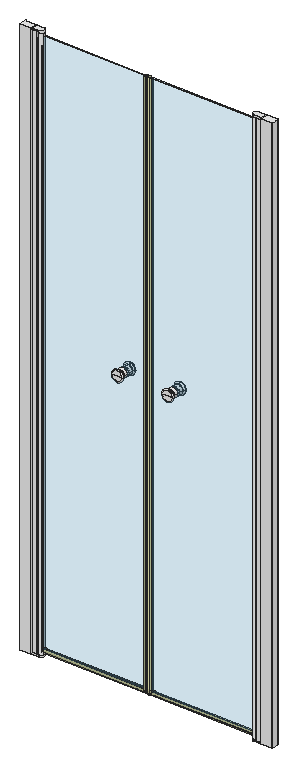
Revit family "SOL2", category Plumbing Fixtures, Revit 2015
Parameters (values of type "900x2000")
  Width fixed panel 2 = 0 mm
  Width fixed panel = 0 mm
  Seal = Seal
  SOL2_half = SOL2_half : 450
  Model = "SOL2"
  L1 = 900 mm
  URL = "www.sanswiss.com"
  Type Comments = "SOLINO"
  Number of elements = 0
  Aluminum = Aluminum
  Manufacturer = "SanSwiss"
  H = 2000 mm  # constant formula
  Glass = Glass
Types (4, lengths in mm): name | SOL2_half | L1
  700x2000 | SOL2_half : 350 | 700
  800x2000 | SOL2_half : 400 | 800
  900x2000 | SOL2_half : 450 | 900
  1000x2000 | SOL2_half : 500 | 1000
Reference planes
  plane 1 "Center (Front/Back)": y = 0
  plane 2: z = 0
  plane 3 "Center (Left/Right)": x = 0
  plane 4: x = 900
  plane 5: z = 2000
  plane 6 "góra": z = 1822.5
  plane 7 "klamka": z = 1000.61
  plane 8: x = 878.938
  plane 9: x = 859.789
  plane 10 "ucięcie": z = 11.8
  plane 11: z = 1984
  plane 12: z = 4.446
  plane 13: z = 1995.447
  plane 14: z = 16.178
Forms (mm)
  Extrusion 1, void, not visible
    sketch origin (0, 0, 0) x (1, 0, 0) y (0, 0, 1)
      loop
        line (47.1, 1799.5) -> (47.1, 1777.5) -> (65.984, 1777.5) -> (65.984, 1799.5) -> (47.1, 1799.5)
    from -49.545 to 25.251
  Extrusion 2, solid, material "Aluminum" <- "Aluminum", not visible
    sketch origin (0, 0, 1822.5) x (0, -1, 0) y (1, 0, 0)
      loop
        line (-1, 45.1) -> (-1, 57.085)
        arc (-1, 57.085) -> (-10, 66.085) -> (-19, 57.085) r 9
        line (-19, 57.085) -> (-19, 45.1) -> (-1, 45.1)
    from -45 to -23
  Extrusion 3, solid, material "Aluminum" <- "Aluminum", not visible
    sketch origin (0, 0, 1822.5) x (0, -1, 0) y (1, 0, 0)
      loop
        line (-1, 47.1) -> (-10, 47.1)
        arc (-10, 47.1) -> (-14.544, 48.192) -> (-18.095, 51.229) r 10
        arc (-18.095, 51.229) -> (-18.654, 51.411) -> (-19, 50.936) r 0.5
        line (-19, 50.936) -> (-19, 45.1) -> (-1, 45.1) -> (-1, 47.1)
    from -23 to 0
  Revolve 4, solid, material "Aluminum" <- "Aluminum", not visible
    sketch origin (0, 0, 1800) x (0, -1, 0) y (1, 0, 0)
      loop
        line (-21, 88.1) -> (-27.814, 88.1) -> (-27.814, 75.277) -> (-23.528, 79.564) -> (-21, 79.564) -> (-21, 88.1)
      axis (-21, 88.1) -> (-27.814, 88.1)
    angle from 0 to 360
  Revolve 5, solid, material "Aluminum" <- "Aluminum", not visible
    sketch origin (30, 0, 1800) x (0, -1, 0) y (1, 0, 0)
      loop
        line (-21, 88.1) -> (-27.814, 88.1) -> (-27.814, 75.277) -> (-23.528, 79.564) -> (-21, 79.564) -> (-21, 88.1)
      axis (-21, 88.1) -> (-27.814, 88.1)
    angle from 0 to 360
Dimensions and locks
  "L1": plane 3 "Center (Left/Right)" to plane 4
  "H": plane 5 to level
  plane 4 to plane 8 = 21.062 mm
  locked: plane 4 to plane 9 at 40.211
  aligned and locked: level to plane 2
  aligned and locked: plane 3 "Center (Left/Right)" to nested 1
  aligned and locked: plane 4 to nested 2
Automatic sketch dimensions
  Extrusion 1 sketch curve to Extrusion 1 sketch curve = 18.884 mm
  Extrusion 1 sketch curve to Extrusion 1 sketch curve = 22 mm
  Extrusion 2 sketch curve to Extrusion 2 sketch curve = 9 mm
  Extrusion 2 sketch curve to Extrusion 2 sketch curve = 11.985 mm
  Extrusion 3 sketch curve to Extrusion 3 sketch curve = 0.5 mm
  Extrusion 3 sketch curve to Extrusion 3 sketch curve = 2 mm
  Extrusion 3 sketch curve to Extrusion 3 sketch curve = 5.836 mm
  Extrusion 3 sketch curve to Extrusion 3 sketch curve = 10 mm
  Extrusion 3 sketch curve to Extrusion 3 sketch curve = 8.5 mm
  Extrusion 3 sketch curve to Extrusion 3 sketch curve = 9 mm
  Revolve 4 sketch curve to Revolve 4 sketch curve = 6.814 mm
  Revolve 4 sketch curve to Revolve 4 sketch curve = 0 mm  (x3)
  Revolve 5 sketch curve to Revolve 5 sketch curve = 6.814 mm
  Revolve 5 sketch curve to Revolve 5 sketch curve = 4.287 mm  (x2)
  Revolve 5 sketch curve to Revolve 5 sketch curve = 8.536 mm
  Revolve 5 sketch curve to Revolve 5 sketch curve = 0 mm  (x3)
  Revolve 4 sketch curve to Revolve 4 sketch curve = 4.287 mm  (x2)
  Revolve 4 sketch curve to Revolve 4 sketch curve = 8.536 mm
Nested families
  nested 1: "SOL2_half" at (0, 0, 0), type <- "SOL2_half", type "450"
  nested 2: "SOL2_half" at (900, 0, 0) x (-1, 0, 0) z (0, 0, 1), type <- "SOL2_half", type "450"
Definition of nested family "SOL2_half"
  Parameters (values of type "400")
    Width fixed panel 2 = 0 mm
    Width fixed panel = 0 mm
    Seal = none
    Model = "SOL2"
    L1 = 400 mm
    URL = "www.sanswiss.com"
    Type Comments = "SOLINO"
    Number of elements = 0
    Manufacturer = "SanSwiss"
    H = 2000 mm  # constant formula
    Glass = none
    Chrome = none
    Aluminum = none
  Types (4, lengths in mm): name | L1
    400 | 400
    350 | 350
    450 | 450
    500 | 500
  Reference planes
    plane 1 "Center (Front/Back)": y = 0
    plane 2: z = 0
    plane 3 "Center (Left/Right)": x = 0
    plane 4: x = 400
    plane 5: z = 2000
    plane 6 "góra": z = 1822.5
    plane 7 "klamka": z = 1000.61
    plane 8: x = 378.938
    plane 9: x = 359.789
    plane 10 "ucięcie": z = 11.8
    plane 11: z = 1984
    plane 12: z = 4.446
    plane 13: z = 1995.447
    plane 14: z = 16.178
  Forms (mm)
    Extrusion 1, void, not visible
      sketch origin (0, 0, 0) x (1, 0, 0) y (0, 0, 1)
        loop
          line (47.1, 1799.5) -> (47.1, 1777.5) -> (65.984, 1777.5) -> (65.984, 1799.5) -> (47.1, 1799.5)
      from -49.545 to 25.251
    Extrusion 2, solid, material <- "Aluminum", not visible
      sketch origin (0, 0, 1822.5) x (0, -1, 0) y (1, 0, 0)
        loop
          line (-1, 45.1) -> (-1, 57.085)
          arc (-1, 57.085) -> (-10, 66.085) -> (-19, 57.085) r 9
          line (-19, 57.085) -> (-19, 45.1) -> (-1, 45.1)
      from -45 to -23
    Extrusion 3, solid, material <- "Aluminum", not visible
      sketch origin (0, 0, 1822.5) x (0, -1, 0) y (1, 0, 0)
        loop
          line (-1, 47.1) -> (-10, 47.1)
          arc (-10, 47.1) -> (-14.544, 48.192) -> (-18.095, 51.229) r 10
          arc (-18.095, 51.229) -> (-18.654, 51.411) -> (-19, 50.936) r 0.5
          line (-19, 50.936) -> (-19, 45.1) -> (-1, 45.1) -> (-1, 47.1)
      from -23 to 0
    Revolve 4, solid, material <- "Aluminum", not visible
      sketch origin (0, 0, 1800) x (0, -1, 0) y (1, 0, 0)
        loop
          line (-21, 88.1) -> (-27.814, 88.1) -> (-27.814, 75.277) -> (-23.528, 79.564) -> (-21, 79.564) -> (-21, 88.1)
        axis (-21, 88.1) -> (-27.814, 88.1)
      angle from 0 to 360
    Revolve 5, solid, material <- "Aluminum", not visible
      sketch origin (30, 0, 1800) x (0, -1, 0) y (1, 0, 0)
        loop
          line (-21, 88.1) -> (-27.814, 88.1) -> (-27.814, 75.277) -> (-23.528, 79.564) -> (-21, 79.564) -> (-21, 88.1)
        axis (-21, 88.1) -> (-27.814, 88.1)
      angle from 0 to 360
    Sweep 6, solid, material <- "Seal"
      path origin (0, 0, -2.717) x (1, 0, 0) y (0, 0, 1)
        loop
          line (400, 1986.717) -> (400, 19.284)
      profile origin (400, 0, 1000.283) x (0, -1, 0) y (1, 0, 0)
        loop
          arc (-21.477, -13.83) -> (-20.952, -13.634) -> (-20.685, -13.141) r 0.8
          line (-20.685, -13.141) -> (-20.151, -7.339)
          arc (-20.151, -7.339) -> (-18.617, -5.305) -> (-17.959, -2.845) r 6.664
          arc (-17.959, -2.845) -> (-18.516, -1.005) -> (-20.155, 0) r 2.705
          line (-20.155, 0) -> (-28.474, 0)
          arc (-28.474, 0) -> (-30.255, -0.866) -> (-30.995, -2.703) r 2.753
          arc (-30.995, -2.703) -> (-30.526, -5.21) -> (-29.122, -7.339) r 6.44
          line (-29.122, -7.339) -> (-28.587, -13.141)
          arc (-28.587, -13.141) -> (-28.32, -13.634) -> (-27.795, -13.83) r 0.8
          line (-27.795, -13.83) -> (-27.012, -13.83) -> (-27.012, -12.866) -> (-27.468, -12.045) -> (-27.966, -6.83) -> (-21.306, -6.83) -> (-21.804, -12.045) -> (-22.26, -12.866) -> (-22.26, -13.83) -> (-21.477, -13.83)
    Extrusion 7, solid, material <- "Glass"
      sketch origin (0, 0, 1800) x (0, -1, 0) y (1, 0, 0)
        loop
          line (-27.5, 393.17) -> (-27.5, 60.1) -> (-21.5, 60.1) -> (-21.5, 393.17) -> (-27.5, 393.17)
      from -1787 to 184
    Extrusion 8, solid, material <- "Seal"
      sketch origin (0, 0, 0) x (0, 1, 0) y (0, 0, 1)
        loop
          line (33.991, 0.501) -> (32.472, 14.955)
          arc (32.472, 14.955) -> (32.753, 15.358) -> (33.243, 15.314) r 0.49
          line (33.243, 15.314) -> (35.532, 14.701) -> (35.49, 15.494)
          arc (35.49, 15.494) -> (35.318, 15.967) -> (34.91, 16.264) r 0.862
          line (34.91, 16.264) -> (29.09, 17.823) -> (28.328, 24.346)
          arc (28.328, 24.346) -> (27.784, 25.009) -> (26.955, 24.792) r 0.794
          line (26.955, 24.792) -> (28.209, 14.063)
          arc (28.209, 14.063) -> (27.898, 13.311) -> (27.147, 13) r 1.063
          line (27.147, 13) -> (22.622, 13)
          arc (22.622, 13) -> (21.976, 13.301) -> (21.792, 13.989) r 0.843
          line (21.792, 13.989) -> (23.046, 24.932)
          arc (23.046, 24.932) -> (22.173, 24.949) -> (21.668, 24.238) r 0.932
          line (21.668, 24.238) -> (20.512, 14.15)
          arc (20.512, 14.15) -> (21.075, 12.392) -> (22.764, 11.649) r 2.245
          line (22.764, 11.649) -> (27.214, 11.649)
          arc (27.214, 11.649) -> (28.718, 12.211) -> (29.483, 13.621) r 2.291
          line (29.483, 13.621) -> (29.387, 14.992)
          arc (29.387, 14.992) -> (29.469, 15.443) -> (29.898, 15.605) r 0.465
          line (29.898, 15.605) -> (30.87, 15.725)
          arc (30.87, 15.725) -> (31.281, 15.554) -> (31.451, 15.143) r 0.581
          line (31.451, 15.143) -> (33.001, 0.397)
          arc (33.001, 0.397) -> (33.548, -0.046) -> (33.991, 0.501) r 0.498
      from 77.062 to 400
    Extrusion 9, void
      sketch origin (0, 0, 0) x (1, 0, 0) y (0, 0, 1)
        loop
          line (400, 16.567) -> (400, 33.757) -> (385, 33.757) -> (385, 16.567) -> (400, 16.567)
      from -108.898 to 31.895
    Sweep 10, solid, material <- "Aluminum"
      path origin (0, 0, 0) x (1, 0, 0) y (0, 0, 1)
        loop
          line (0, 2000) -> (0, 0)
      profile origin (0, 0, 1000) x (0, -1, 0) y (1, 0, 0)
        loop
          arc (-38.263, 1.8) -> (-37.735, 0.527) -> (-36.463, 0) r 1.8
          line (-36.463, 0) -> (-13.263, 0)
          arc (-13.263, 0) -> (-11.995, 0.525) -> (-11.47, 1.792) r 1.792
          line (-11.47, 1.792) -> (-11.47, 38.242)
          arc (-11.47, 38.242) -> (-11.866, 39.197) -> (-12.82, 39.592) r 1.35
          line (-12.82, 39.592) -> (-36.859, 39.592)
          arc (-36.859, 39.592) -> (-37.852, 39.181) -> (-38.263, 38.189) r 1.403
          line (-38.263, 38.189) -> (-38.263, 1.8)
    Revolve 11, solid, material <- "Aluminum"
      sketch origin (-9.312, 936.256, 1900.61) x (0, 1, 0) y (-1, 0, 0)
        loop
          line (-897.993, -39.145) -> (-892.092, -39.145)
          arc (-892.092, -39.145) -> (-892.298, -36.517) -> (-892.793, -33.929) r 23.774
          arc (-892.793, -33.929) -> (-893.497, -32.844) -> (-894.72, -32.423) r 1.986
          line (-894.72, -32.423) -> (-897.993, -32.423) -> (-897.993, -39.145)
        axis (-897.993, -39.145) -> (-892.092, -39.145)
      angle from 0 to 360
    Revolve 12, solid, material <- "Aluminum"
      sketch origin (-9.312, 936.256, 1000.61) x (0, 1, 0) y (-1, 0, 0)
        loop
          line (-897.993, -39.145) -> (-892.092, -39.145)
          arc (-892.092, -39.145) -> (-892.298, -36.517) -> (-892.793, -33.929) r 23.774
          arc (-892.793, -33.929) -> (-893.497, -32.844) -> (-894.72, -32.423) r 1.986
          line (-894.72, -32.423) -> (-897.993, -32.423) -> (-897.993, -39.145)
        axis (-897.993, -39.145) -> (-892.092, -39.145)
      angle from 0 to 360
    Revolve 13, solid, material <- "Aluminum"
      sketch origin (-9.312, 936.256, 100.61) x (0, 1, 0) y (-1, 0, 0)
        loop
          line (-897.993, -39.145) -> (-892.092, -39.145)
          arc (-892.092, -39.145) -> (-892.298, -36.517) -> (-892.793, -33.929) r 23.774
          arc (-892.793, -33.929) -> (-893.497, -32.844) -> (-894.72, -32.423) r 1.986
          line (-894.72, -32.423) -> (-897.993, -32.423) -> (-897.993, -39.145)
        axis (-897.993, -39.145) -> (-892.092, -39.145)
      angle from 0 to 360
    Sweep 14, solid, material <- "Aluminum"
      path origin (0, 0, 0) x (1, 0, 0) y (0, 0, 1)
        loop
          line (0, 4.446) -> (0, 1995.447)
      profile origin (0, 0, 999.947) x (-1, 0, 0) y (0, -1, 0)
        loop
          line (-39.592, -35.556) -> (-39.592, -14.168) -> (-57.512, -14.168)
          arc (-57.512, -14.168) -> (-59.231, -15.328) -> (-59.014, -17.391) r 2.014
          line (-59.014, -17.391) -> (-60.019, -17.391) -> (-61.202, -16.839) -> (-63.706, -17.058) -> (-62.709, -17.523)
          arc (-62.709, -17.523) -> (-59.615, -18.745) -> (-57.323, -21.156) r 7.716
          line (-57.323, -21.156) -> (-57.323, -28.491)
          arc (-57.323, -28.491) -> (-59.615, -30.902) -> (-62.709, -32.123) r 7.716
          line (-62.709, -32.123) -> (-63.706, -32.588) -> (-61.202, -32.807) -> (-59.802, -32.154) -> (-58.891, -32.154)
          arc (-58.891, -32.154) -> (-59.419, -34.301) -> (-57.599, -35.556) r 1.947
          line (-57.599, -35.556) -> (-39.592, -35.556)
    Sweep 15, solid, material <- "Chrome"
      path origin (0, 0, 0) x (1, 0, 0) y (0, 0, 1)
        loop
          line (0, 2000) -> (0, 1995.447)
      profile origin (0, 0, 1997.723) x (0, -1, 0) y (1, 0, 0)
        loop
          line (-14.163, 39.592) -> (-14.163, 66.995)
          arc (-14.163, 66.995) -> (-24.863, 77.695) -> (-35.563, 66.995) r 10.7
          line (-35.563, 66.995) -> (-35.563, 39.592) -> (-14.163, 39.592)
    Sweep 16, solid, material <- "Chrome"
      path origin (0, 0, -1995.554) x (1, 0, 0) y (0, 0, 1)
        loop
          line (0, 2000) -> (0, 1995.447)
      profile origin (0, 0, 2.17) x (0, -1, 0) y (1, 0, 0)
        loop
          line (-14.163, 39.592) -> (-14.163, 66.995)
          arc (-14.163, 66.995) -> (-24.863, 77.695) -> (-35.563, 66.995) r 10.7
          line (-35.563, 66.995) -> (-35.563, 39.592) -> (-14.163, 39.592)
    Sweep 17, solid, material <- "Aluminum"
      path origin (0, 0, 0) x (1, 0, 0) y (0, 0, 1)
        loop
          line (0, 4.446) -> (0, 1995.447)
      profile origin (0, 0, 999.947) x (-1, 0, 0) y (0, -1, 0)
        loop
          circle (-66.933, -24.929) r 9.238
  Cuts and joins
    Extrusion 9 cuts Extrusion 8
  Dimensions and locks
    "L1": plane 3 "Center (Left/Right)" to plane 4
    "H": plane 5 to level
    locked: plane 3 "Center (Left/Right)" to Extrusion 7 sketch curve at 60.1
    Sweep 6 sketch curve to plane 2 = 16.567 mm
    plane 4 to plane 8 = 21.062 mm
    locked: plane 4 to plane 9 at 40.211
    locked: nested 1 to plane 4 at 90
    aligned and locked: level to plane 2
    aligned and locked: Extrusion 7 sketch curve to Sweep 6
    aligned and locked: Extrusion 7 to Sweep 6
    aligned and locked: plane 4 to Extrusion 8
  Automatic sketch dimensions
    Extrusion 1 sketch curve to Extrusion 1 sketch curve = 18.884 mm
    Extrusion 1 sketch curve to Extrusion 1 sketch curve = 22 mm
    Extrusion 2 sketch curve to Extrusion 2 sketch curve = 9 mm
    Extrusion 2 sketch curve to Extrusion 2 sketch curve = 11.985 mm
    Extrusion 3 sketch curve to Extrusion 3 sketch curve = 0.5 mm
    Extrusion 3 sketch curve to Extrusion 3 sketch curve = 2 mm
    Extrusion 3 sketch curve to Extrusion 3 sketch curve = 5.836 mm
    Extrusion 3 sketch curve to Extrusion 3 sketch curve = 10 mm
    Extrusion 3 sketch curve to Extrusion 3 sketch curve = 8.5 mm
    Extrusion 3 sketch curve to Extrusion 3 sketch curve = 9 mm
    Revolve 4 sketch curve to Revolve 4 sketch curve = 6.814 mm
    Revolve 4 sketch curve to Revolve 4 sketch curve = 0 mm  (x3)
    Revolve 5 sketch curve to Revolve 5 sketch curve = 6.814 mm
    Revolve 5 sketch curve to Revolve 5 sketch curve = 4.287 mm  (x2)
    Revolve 5 sketch curve to Revolve 5 sketch curve = 8.536 mm
    Revolve 5 sketch curve to Revolve 5 sketch curve = 0 mm  (x3)
    Revolve 4 sketch curve to Revolve 4 sketch curve = 4.287 mm  (x2)
    Revolve 4 sketch curve to Revolve 4 sketch curve = 8.536 mm
    Extrusion 7 sketch curve to plane 1 "Center (Front/Back)" = 27.5 mm
    Extrusion 7 sketch curve to Extrusion 7 sketch curve = 6 mm
    Sweep 10 sketch curve to level = 0 mm
    Sweep 10 sketch curve to plane 3 "Center (Left/Right)" = 0 mm
    Sweep 10 sketch curve to plane 5 = 0 mm
    Sweep 10 sketch curve to profile plane = 0 mm
    Sweep 10 sketch curve to profile plane = 1.8 mm
    Sweep 10 sketch curve to plane 1 "Center (Front/Back)" = 38.263 mm
    Sweep 10 sketch curve to Sweep 10 sketch curve = 1.403 mm
    Sweep 10 sketch curve to plane 1 "Center (Front/Back)" = 13.263 mm
    Sweep 10 sketch curve to plane 1 "Center (Front/Back)" = 12.82 mm
    Sweep 10 sketch curve to Sweep 10 sketch curve = 1.792 mm
    Sweep 10 sketch curve to Sweep 10 sketch curve = 36.389 mm
    Revolve 11 sketch curve to plane 1 "Center (Front/Back)" = 20.395 mm
    Revolve 11 sketch curve to Revolve 11 sketch curve = 17.867 mm
    Revolve 11 sketch curve to Revolve 11 sketch curve = 3.274 mm
    Revolve 11 sketch curve to Revolve 11 sketch curve = 2.627 mm
    plane 3 "Center (Left/Right)" to Revolve 11 sketch curve = 30.368 mm
    Revolve 11 sketch curve to Revolve 11 sketch curve = 0.535 mm
    Revolve 11 sketch curve to Revolve 11 sketch curve = 4.736 mm
    Revolve 11 sketch curve to Revolve 11 sketch curve = 1.986 mm
    Revolve 11 sketch curve to Revolve 11 sketch curve = 0 mm  (x2)
    Revolve 11 sketch curve to Revolve 11 sketch curve = 0.459 mm
    Revolve 12 sketch curve to plane 1 "Center (Front/Back)" = 20.395 mm
    Revolve 12 sketch curve to Revolve 12 sketch curve = 17.867 mm
    Revolve 12 sketch curve to Revolve 12 sketch curve = 3.274 mm
    Revolve 12 sketch curve to Revolve 12 sketch curve = 2.627 mm
    plane 3 "Center (Left/Right)" to Revolve 12 sketch curve = 30.368 mm
    Revolve 12 sketch curve to Revolve 12 sketch curve = 0.535 mm
    Revolve 12 sketch curve to Revolve 12 sketch curve = 4.736 mm
    Revolve 12 sketch curve to Revolve 12 sketch curve = 1.986 mm
    Revolve 12 sketch curve to Revolve 12 sketch curve = 0 mm  (x2)
    Revolve 12 sketch curve to Revolve 12 sketch curve = 0.459 mm
    Revolve 13 sketch curve to plane 1 "Center (Front/Back)" = 20.395 mm
    Revolve 13 sketch curve to Revolve 13 sketch curve = 17.867 mm
    Revolve 13 sketch curve to Revolve 13 sketch curve = 3.274 mm
    Revolve 13 sketch curve to Revolve 13 sketch curve = 2.627 mm
    plane 3 "Center (Left/Right)" to Revolve 13 sketch curve = 30.368 mm
    Revolve 13 sketch curve to Revolve 13 sketch curve = 0.535 mm
    Revolve 13 sketch curve to Revolve 13 sketch curve = 4.736 mm
    Revolve 13 sketch curve to Revolve 13 sketch curve = 1.986 mm
    Revolve 13 sketch curve to Revolve 13 sketch curve = 0 mm  (x2)
    Revolve 13 sketch curve to Revolve 13 sketch curve = 0.459 mm
    Sweep 14 sketch curve to plane 3 "Center (Left/Right)" = 0 mm
    Sweep 14 sketch curve to plane 12 = 0 mm
    Sweep 14 sketch curve to plane 13 = 0 mm
    Sweep 15 sketch curve to plane 3 "Center (Left/Right)" = 0 mm
    Sweep 15 sketch curve to plane 13 = 0 mm
    Sweep 15 sketch curve to plane 5 = 0 mm
    Sweep 15 sketch curve to plane 1 "Center (Front/Back)" = 35.563 mm
    Sweep 15 sketch curve to Sweep 15 sketch curve = 10.7 mm
    Sweep 15 sketch curve to profile plane = 39.592 mm
    Sweep 15 sketch curve to Sweep 15 sketch curve = 27.403 mm
    Sweep 16 sketch curve to plane 3 "Center (Left/Right)" = 0 mm
    Sweep 16 sketch curve to plane 12 = 0 mm
    Sweep 16 sketch curve to level = 0.107 mm
    Sweep 16 sketch curve to plane 1 "Center (Front/Back)" = 35.563 mm
    Sweep 16 sketch curve to Sweep 16 sketch curve = 10.7 mm
    Sweep 16 sketch curve to profile plane = 39.592 mm
    Sweep 16 sketch curve to Sweep 16 sketch curve = 27.403 mm
    Sweep 14 sketch curve to plane 1 "Center (Front/Back)" = 25.142 mm
    profile plane to Sweep 14 sketch curve = 63.93 mm
    Sweep 14 sketch curve to Sweep 14 sketch curve = 0 mm
    Sweep 14 sketch curve to plane 1 "Center (Front/Back)" = 17.058 mm
    Sweep 14 sketch curve to Sweep 14 sketch curve = 0.224 mm  (x2)
    Sweep 14 sketch curve to Sweep 14 sketch curve = 0.997 mm  (x2)
    Sweep 14 sketch curve to plane 1 "Center (Front/Back)" = 17.523 mm
    Sweep 14 sketch curve to Sweep 14 sketch curve = 1.506 mm  (x2)
    Sweep 14 sketch curve to plane 1 "Center (Front/Back)" = 16.839 mm
    Sweep 14 sketch curve to Sweep 14 sketch curve = 1.184 mm
    Sweep 14 sketch curve to Sweep 14 sketch curve = 1.401 mm
    Sweep 14 sketch curve to Sweep 14 sketch curve = 1.004 mm
    Sweep 14 sketch curve to Sweep 14 sketch curve = 0.91 mm
    Sweep 14 sketch curve to Sweep 14 sketch curve = 1.292 mm
    Sweep 14 sketch curve to Sweep 14 sketch curve = 1.503 mm
    Sweep 14 sketch curve to Sweep 14 sketch curve = 0.106 mm
    Sweep 14 sketch curve to Sweep 14 sketch curve = 1.692 mm
    Sweep 14 sketch curve to Sweep 14 sketch curve = 17.919 mm
    Sweep 14 sketch curve to Sweep 14 sketch curve = 0.031 mm
    Sweep 14 sketch curve to Sweep 14 sketch curve = 0.465 mm
    Sweep 14 sketch curve to Sweep 14 sketch curve = 0.653 mm
    Sweep 14 sketch curve to Sweep 14 sketch curve = 1.456 mm
    Sweep 14 sketch curve to Sweep 14 sketch curve = 3.664 mm
    Sweep 14 sketch curve to Sweep 14 sketch curve = 0.637 mm
    Sweep 14 sketch curve to Sweep 14 sketch curve = 0.552 mm
    Sweep 14 sketch curve to Sweep 14 sketch curve = 1.212 mm
    Sweep 17 sketch curve to plane 3 "Center (Left/Right)" = 0 mm
    Sweep 17 sketch curve to plane 12 = 0 mm
    Sweep 17 sketch curve to plane 13 = 0 mm
    Sweep 17 sketch curve to plane 1 "Center (Front/Back)" = 24.929 mm
    profile plane to Sweep 17 sketch curve = 66.933 mm
    plane 10 "ucięcie" to Extrusion 8 sketch curve = 2.35 mm
    Extrusion 8 sketch curve to plane 1 "Center (Front/Back)" = 20.512 mm
    Extrusion 8 sketch curve to Extrusion 8 sketch curve = 1.156 mm
    plane 10 "ucięcie" to Extrusion 8 sketch curve = 2.189 mm
    Extrusion 8 sketch curve to Extrusion 8 sketch curve = 1.279 mm
    Extrusion 8 sketch curve to Extrusion 8 sketch curve = 0.924 mm
    Extrusion 8 sketch curve to Extrusion 8 sketch curve = 0.83 mm
    Extrusion 8 sketch curve to Extrusion 8 sketch curve = 0.122 mm
    Extrusion 8 sketch curve to plane 10 "ucięcie" = 0.151 mm
    Extrusion 8 sketch curve to Extrusion 8 sketch curve = 0.143 mm
    plane 10 "ucięcie" to Extrusion 8 sketch curve = 13.132 mm
    Extrusion 8 sketch curve to Extrusion 8 sketch curve = 0.453 mm
    plane 10 "ucięcie" to Extrusion 8 sketch curve = 12.992 mm
    Extrusion 8 sketch curve to Extrusion 8 sketch curve = 3.909 mm
    plane 10 "ucięcie" to Extrusion 8 sketch curve = 2.263 mm
    Extrusion 8 sketch curve to Extrusion 8 sketch curve = 4.403 mm
    Extrusion 8 sketch curve to Extrusion 8 sketch curve = 0.068 mm
    Extrusion 8 sketch curve to Extrusion 8 sketch curve = 0.584 mm
    Extrusion 8 sketch curve to Extrusion 8 sketch curve = 0.995 mm
    plane 10 "ucięcie" to Extrusion 8 sketch curve = 12.546 mm
    Extrusion 8 sketch curve to Extrusion 8 sketch curve = 0.789 mm
    plane 10 "ucięcie" to Extrusion 8 sketch curve = 6.023 mm
    Extrusion 8 sketch curve to Extrusion 8 sketch curve = 0.881 mm
    plane 10 "ucięcie" to Extrusion 8 sketch curve = 3.192 mm
    Extrusion 8 sketch curve to Extrusion 8 sketch curve = 1.178 mm
    plane 10 "ucięcie" to Extrusion 8 sketch curve = 1.821 mm
    Extrusion 8 sketch curve to Extrusion 8 sketch curve = 1.274 mm
    Extrusion 8 sketch curve to Extrusion 8 sketch curve = 0.439 mm
    plane 10 "ucięcie" to Extrusion 8 sketch curve = 3.805 mm
    Extrusion 8 sketch curve to Extrusion 8 sketch curve = 0.072 mm
    Extrusion 8 sketch curve to Extrusion 8 sketch curve = 1.044 mm
    plane 10 "ucięcie" to Extrusion 8 sketch curve = 3.343 mm
    Extrusion 8 sketch curve to Extrusion 8 sketch curve = 0.581 mm
    plane 10 "ucięcie" to Extrusion 8 sketch curve = 3.155 mm
    Extrusion 8 sketch curve to Extrusion 8 sketch curve = 1.021 mm
    Extrusion 8 sketch curve to Extrusion 8 sketch curve = 0.488 mm
    plane 10 "ucięcie" to Extrusion 8 sketch curve = 3.514 mm
    Extrusion 8 sketch curve to Extrusion 8 sketch curve = 0.283 mm
    level to Extrusion 8 sketch curve = 0.449 mm
    Extrusion 8 sketch curve to Extrusion 8 sketch curve = 6.282 mm
    Extrusion 8 sketch curve to Extrusion 8 sketch curve = 1.386 mm
    plane 10 "ucięcie" to Extrusion 8 sketch curve = 4.464 mm
    Extrusion 8 sketch curve to Extrusion 8 sketch curve = 0.281 mm
    plane 10 "ucięcie" to Extrusion 8 sketch curve = 3.694 mm
    Extrusion 8 sketch curve to Extrusion 8 sketch curve = 0.861 mm
    plane 10 "ucięcie" to Extrusion 8 sketch curve = 2.901 mm
    Extrusion 8 sketch curve to Extrusion 8 sketch curve = 0.042 mm
    Extrusion 8 sketch curve to Extrusion 8 sketch curve = 0.815 mm
    Extrusion 8 sketch curve to Extrusion 8 sketch curve = 0.495 mm  (x2)
    level to Extrusion 8 sketch curve = 0.397 mm
    Sweep 6 sketch curve to plane 4 = 0 mm
    Sweep 6 sketch curve to plane 11 = 0 mm
    plane 14 to Extrusion 9 sketch curve = 0.389 mm
    plane 9 to Extrusion 9 sketch curve = 25.211 mm
    plane 8 to Extrusion 9 sketch curve = 21.062 mm
    Extrusion 9 sketch curve to Extrusion 9 sketch curve = 17.19 mm
    Sweep 6 sketch curve to profile plane = 0 mm
    profile plane to Sweep 6 sketch curve = 7.339 mm  (x2)
    Sweep 6 sketch curve to plane 1 "Center (Front/Back)" = 29.122 mm
    profile plane to Sweep 6 sketch curve = 13.141 mm  (x2)
    Sweep 6 sketch curve to Sweep 6 sketch curve = 0.534 mm
    Sweep 6 sketch curve to Sweep 6 sketch curve = 0.88 mm
    Sweep 6 sketch curve to Sweep 6 sketch curve = 1.156 mm  (x2)
    Sweep 6 sketch curve to Sweep 6 sketch curve = 0.792 mm  (x2)
    profile plane to Sweep 6 sketch curve = 12.045 mm
    Sweep 6 sketch curve to Sweep 6 sketch curve = 0.327 mm
    Sweep 6 sketch curve to Sweep 6 sketch curve = 0.783 mm  (x2)
    Sweep 6 sketch curve to Sweep 6 sketch curve = 3.635 mm
    Sweep 6 sketch curve to Sweep 6 sketch curve = 0.052 mm
    Sweep 6 sketch curve to Sweep 6 sketch curve = 4.752 mm
    Sweep 6 sketch curve to Sweep 6 sketch curve = 0.456 mm
    Sweep 6 sketch curve to Sweep 6 sketch curve = 3.249 mm
    Sweep 6 sketch curve to Sweep 6 sketch curve = 3.898 mm
    Sweep 6 sketch curve to Sweep 6 sketch curve = 0.689 mm  (x2)
    Sweep 6 sketch curve to Sweep 6 sketch curve = 0.164 mm  (x2)
    Sweep 6 sketch curve to Sweep 6 sketch curve = 0.821 mm
    Sweep 6 sketch curve to Sweep 6 sketch curve = 0.509 mm
    profile plane to Sweep 6 sketch curve = 2.797 mm
    profile plane to Sweep 6 sketch curve = 2.743 mm
    profile plane to Sweep 6 sketch curve = 2.658 mm
    Sweep 6 sketch curve to Sweep 6 sketch curve = 0.414 mm
    Sweep 6 sketch curve to Sweep 6 sketch curve = 0 mm
    Sweep 6 sketch curve to Sweep 6 sketch curve = 0.502 mm
    radius of Sweep 17 sketch curve = 9.238 mm
  Nested families
    nested 1: "doorknob SOLINO" at (310, 9.051, -30.097), type "doorknob SOLINO"
  Definition of nested family "doorknob SOLINO"
    Parameters (values of type "doorknob SOLINO")
      Chrome = none
    Reference planes
      plane 1 "Center (Front/Back)": y = 0
      plane 2: z = 0
      plane 3 "Center (Left/Right)": x = 0
      plane 4 "tył": y = 44.476
      plane 5 "przód": y = -13.458
      plane 6 "klamka": z = 1037.624
    Forms (mm)
      Revolve 1, solid, material <- "Chrome"
        sketch origin (0, 0, 1037.624) x (0, -1, 0) y (1, 0, 0)
          loop
            line (13.458, 0) -> (-44.476, 0) -> (-44.476, -18.192)
            arc (-44.476, -18.192) -> (-43.385, -19.779) -> (-41.46, -19.729) r 2.019
            line (-41.46, -19.729) -> (-34.604, -15.771)
            arc (-34.604, -15.771) -> (-34.125, -15.573) -> (-33.612, -15.505) r 1.985
            line (-33.612, -15.505) -> (-19.519, -15.505) -> (-19.519, -14.624) -> (-11.469, -14.624) -> (-11.469, -15.505) -> (2.665, -15.505)
            arc (2.665, -15.505) -> (3.181, -15.573) -> (3.662, -15.772) r 2.01
            line (3.662, -15.772) -> (10.527, -19.716)
            arc (10.527, -19.716) -> (12.238, -19.858) -> (13.458, -18.649) r 2.051
            line (13.458, -18.649) -> (13.458, 0)
          axis (-44.476, 0) -> (13.458, 0)
        angle from 0 to 360
    Dimensions and locks
      aligned and locked: level to plane 2
